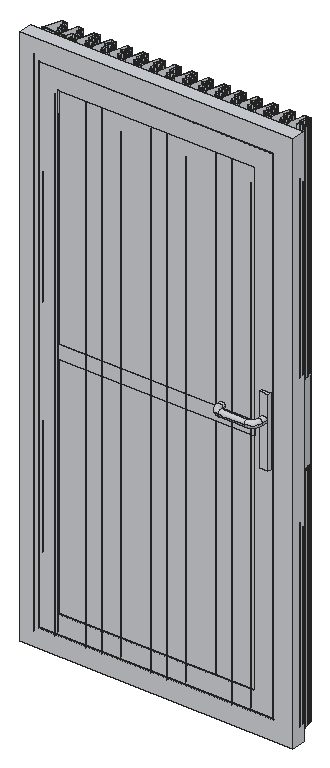
Revit family "NLRS_31_DO_WB_VS50 enkele deur-AV_jazo_jazo", category Doors, host Wall, Revit 2020
Family settings
  Host = Wall
  OmniClass Number = 23.30.10.00
  OmniClass Title = Doors
  Always vertical = Yes
  Cut with Voids When Loaded = No
  Shared = No
  Room Calculation Point = No
Parameters (values of type "TYPE CATALOG")
  URL = "www.jazo.com"
  Thickness = if(JAZO_C_forster presto kozijn, 50 mm, if(JAZO_C_aluminium kozijn, 60 mm, 50 mm))  # 50 mm
  Rough Width = NLRS_C_breedte_01  # 1010 mm
  Rough Height = NLRS_C_hoogte_01  # 2010 mm
  Operation = ""
  Negge = 82.5 mm
  NLRS_C_zelfsluitend = no
  NLRS_C_weerstandsklasse = "Voor specificaties of mogelijkheden, neem contact op."  # constant formula
  NLRS_C_vluchtroute = "Voor specificaties of mogelijkheden, neem contact op."  # constant formula
  NLRS_C_stelruimte = if(NLRS_C_brandwerend, 10 mm, 5 mm)  # 5 mm
  NLRS_C_rookwerendheid = "Voor specificaties of mogelijkheden, neem contact op."  # constant formula
  NLRS_C_offset_02 = if(JAZO_C_calculatie_01 < 1 mm, 1 mm, if(JAZO_C_calculatie_01 < 5 mm, 1 mm, if(JAZO_C_calculatie_01 < 10 mm, 5 mm, if(JAZO_C_calculatie_01 < 15 mm, 10 mm, if(JAZO_C_calculatie_01 < 20 mm, 15 mm, if(JAZO_C_calculatie_01 < 25 mm, 20 mm, if(JAZO_C_calculatie_01 < 30 mm, 25 mm, if(JAZO_C_calculatie_01 < 35 mm, 30 mm, if(JAZO_C_calculatie_01 < 40 mm, 35 mm, 42 mm)))))))))  # 15 mm
  NLRS_C_offset_01 = (NLRS_C_breedte - 4 mm - 98.2 mm - 133.4 mm - 4 mm - NLRS_C_lengte_01) / 2  # 23.2 mm
  NLRS_C_offset = Negge  # 82.5 mm
  NLRS_C_merk = "Voor specificaties of mogelijkheden, neem contact op."  # constant formula
  NLRS_C_leverancier_url = "www.jazo.com"  # constant formula
  NLRS_C_leverancier_telefoonnummer = "+31 316 - 59 29 11"  # constant formula
  NLRS_C_leverancier_postcode = "6905 DJ"  # constant formula
  NLRS_C_leverancier_plaats = "Zevenaar"  # constant formula
  NLRS_C_leverancier_email = "info@jazo.com"  # constant formula
  NLRS_C_leverancier_bedrijfsnaam = "JAZO Zevenaar bv"  # constant formula
  NLRS_C_leverancier_adres = "Handelsdwarsstraat 10"  # constant formula
  NLRS_C_lengte_03 = 1050 mm - 185 mm + 4 mm  # 869 mm
  NLRS_C_lengte_02 = NLRS_C_hoogte - 1050 mm - 110 mm + 15 mm  # 855 mm
  NLRS_C_lengte_01 = NLRS_C_aantal_01 * 59.5 mm  # 714 mm
  NLRS_C_inbraakwerend = no
  NLRS_C_hoogte_min = if(JAZO_C_forster presto kozijn, if(and(NLRS_C_brandwerend, NLRS_C_inbraakwerend), 2050 mm, if(NLRS_C_inbraakwerend, 2050 mm, if(NLRS_C_brandwerend, 2000 mm, 1850 mm))), if(JAZO_C_aluminium kozijn, 1850 mm, 1850 mm))  # 1850 mm
  NLRS_C_hoogte_max = if(JAZO_C_forster presto kozijn, if(NLRS_C_inbraakwerend, 2640 mm, 3000 mm), if(JAZO_C_aluminium kozijn, if(NLRS_C_inbraakwerend, 2645 mm, 3200 mm), 2000 mm))  # 3000 mm
  NLRS_C_hoogte_01 = NLRS_C_hoogte + (NLRS_C_stelruimte * 2)  # 2010 mm
  NLRS_C_hoogte = if(Height < NLRS_C_hoogte_min, NLRS_C_hoogte_min, if(Height > NLRS_C_hoogte_max, NLRS_C_hoogte_max, Height))  # 2000 mm
  NLRS_C_geluidwering Rw = "Voor specificaties of mogelijkheden, neem contact op."  # constant formula
  NLRS_C_diepte_02 = if(JAZO_C_forster presto kozijn, 50 mm, 30 mm)  # 50 mm
  NLRS_C_diepte_01 = if(JAZO_C_forster presto kozijn, 132.5 mm, 142.5 mm)  # 132.5 mm
  NLRS_C_diepte = Thickness  # 50 mm
  NLRS_C_content_versie = "2.5"  # constant formula
  NLRS_C_content_revit versie = "REVIT 2020.2"  # constant formula
  NLRS_C_content_provider = "JAZO Zevenaar bv"  # constant formula
  NLRS_C_content_datum uitgifte = "17-8-2022"  # constant formula
  NLRS_C_content_datum gewijzigd = "7-11-2022"  # constant formula
  NLRS_C_content_creator = "JAZO Zevenaar bv"  # constant formula
  NLRS_C_breedte_min = 850 mm  # constant formula
  NLRS_C_breedte_max = if(JAZO_C_forster presto kozijn, if(NLRS_C_inbraakwerend, 1440 mm, 1500 mm), if(JAZO_C_aluminium kozijn, if(NLRS_C_inbraakwerend, 1661 mm, 1400 mm), 1000 mm))  # 1500 mm
  NLRS_C_breedte_01 = NLRS_C_breedte + NLRS_C_stelruimte * 2  # 1010 mm
  NLRS_C_breedte = if(Width < NLRS_C_breedte_min, NLRS_C_breedte_min, if(Width > NLRS_C_breedte_max, NLRS_C_breedte_max, Width))  # 1000 mm
  NLRS_C_brandwerend = no
  NLRS_C_aantal_01 = rounddown((NLRS_C_breedte - 4 mm - 98.2 mm - 133.4 mm - 4 mm) / 59.5 mm)  # 12
  Model = "VS50 enkele deur"  # constant formula
  Manufacturer = "JAZO Zevenaar bv"  # constant formula
  MIN WIDTH = NLRS_C_breedte_min  # 850 mm
  MIN HEIGHT = NLRS_C_hoogte_min  # 1850 mm
  MAX WIDTH = NLRS_C_breedte_max  # 1500 mm
  MAX HEIGHT = NLRS_C_hoogte_max  # 3000 mm
  JAZO_C_ventilerend = no
  JAZO_C_paniekfunctie = no
  JAZO_C_opbouwrooster VS50 = if(or(JAZO_C_aluminium kozijn, JAZO_C_forster presto kozijn), 1 < 2, 2 < 1)  # yes
  JAZO_C_niet ventilerend = yes
  JAZO_C_materiaal schoep = none
  JAZO_C_materiaal scharnier = none
  JAZO_C_materiaal forster presto sandwichpaneel = none
  JAZO_C_materiaal forster presto kozijn = none
  JAZO_C_materiaal forster presto deurprofiel = none
  JAZO_C_materiaal beslag = none
  JAZO_C_materiaal aluminium planken = none
  JAZO_C_materiaal aluminium kozijn = none
  JAZO_C_forster presto kozijn = yes
  JAZO_C_dagmaat hoogte = if(JAZO_C_forster presto kozijn, NLRS_C_hoogte - 70 mm - 70 mm, if(JAZO_C_aluminium kozijn, NLRS_C_hoogte - 52 mm - 52 mm, 0 mm))  # 1860 mm
  JAZO_C_dagmaat breedte = if(JAZO_C_forster presto kozijn, NLRS_C_breedte - 70 mm - 70 mm, if(JAZO_C_aluminium kozijn, NLRS_C_breedte - 52 mm - 52 mm, 0 mm))  # 860 mm
  JAZO_C_calculatie_01 = if(JAZO_C_aluminium kozijn, 43.5 mm - NLRS_C_offset_01, if(JAZO_C_forster presto kozijn, 39.5 mm - NLRS_C_offset_01, 42 mm))  # 16.3 mm
  JAZO_C_aluminium kozijn = no
  Function = Exterior
  Height = 2000 mm
  Wall Closure = By host
  Width = 1000 mm
  Description = "VS50 enkele deur"  # constant formula
  Define Thermal Properties by = User Defined
  Construction Type = "Voor specificaties of mogelijkheden, neem contact op."  # constant formula
  Assembly Code = "23.30.10.00"
  Analytic Construction = "<None>"
Reference planes
  plane 1 "Center (Front/Back)": y = 0
  plane 2 "Center (Left/Right)": x = 0
  plane 3 "Left": x = -500
  plane 4 "Right": x = 500
  plane 5 "Top": z = 2005
  plane 6 "Exterior": y = 75
  plane 7 "Interior": y = -75
  plane 8 "stelruimte r": x = 505
  plane 9 "stelruimte l": x = -505
  plane 10 "stelruimte b": z = 2010
  plane 11 "stelruimte o": z = 5
  plane 12 "center kozijn": y = -32.5
  plane 13 "Center": z = 1005
  plane 14 "voorkant kozijn": y = -7.5
  plane 15 "achterkant kozijn": y = -57.5
  plane 16 "voorkant schoep": y = 75
  plane 17 "center kozijn + schoep": y = 8.75
  plane 18 "offset L": x = -476.8
  plane 19 "start schoep": x = -472.8
  plane 20: x = 496
  plane 21 "offset R": x = 472.8
  plane 22: x = 339.4
  plane 23 "sectie 1": x = -374.56
  plane 24: z = 1055
  plane 25: z = 870
Lines and regions (mm)
  Opening 1
    outline origin (-3161.91, -75, 0) x (1, 0, 0) y (0, 0, 1)
      loop
        line (2656.91, 0) -> (3666.91, 0) -> (3666.91, 2010) -> (2656.91, 2010) -> (2656.91, 0)
  symbolic lines, style "Swing Elevation"
    curve 1: line (500, -75, 1005) -> (-500, -75, 2005)
    curve 2: line (500, -75, 1005) -> (-500, -75, 0)
Text (mm)
  text "Exterior" at (-2295.016, 1099.543, 0), in view "Ref. Level"
  text "Exterior" at (0, 1615.38, 3698.081), in view "Left"
  text "Exterior" at (0, 1036.032, 3874.932), in view "Right"
Dimensions and locks
  equal spacing: plane 9 "stelruimte l", plane 2 "Center (Left/Right)", plane 8 "stelruimte r"
  "NLRS_C_breedte": plane 3 "Left" to plane 4 "Right"
  "NLRS_C_hoogte": plane 5 "Top" to plane 11 "stelruimte o"
  "NLRS_C_hoogte_01": host wall to plane 10 "stelruimte b"
  locked: plane 6 "Exterior" to host wall
  locked: plane 7 "Interior" to host wall
  "NLRS_C_breedte_01": plane 9 "stelruimte l" to plane 8 "stelruimte r"
  equal spacing: plane 3 "Left", plane 2 "Center (Left/Right)", plane 4 "Right"
  equal spacing: plane 11 "stelruimte o", plane 13 "Center", plane 5 "Top"
  "NLRS_C_stelruimte": level to plane 11 "stelruimte o"
  equal spacing: plane 14 "voorkant kozijn", plane 12 "center kozijn", plane 15 "achterkant kozijn"
  "NLRS_C_diepte": plane 14 "voorkant kozijn" to plane 15 "achterkant kozijn"
  "NLRS_C_diepte_01": plane 16 "voorkant schoep" to plane 15 "achterkant kozijn"
  equal spacing: plane 16 "voorkant schoep", plane 17 "center kozijn + schoep", plane 15 "achterkant kozijn"
  "NLRS_C_offset": plane 14 "voorkant kozijn" to plane 6 "Exterior"
  locked: plane 11 "stelruimte o" to nested 9 at 180
  locked: nested 10 to plane 5 "Top" at 180
  locked: plane 11 "stelruimte o" to nested 13 at 180
  locked: nested 14 to plane 5 "Top" at 180
  "NLRS_C_offset_01": plane 3 "Left" to plane 18 "offset L"
  locked: plane 18 "offset L" to plane 19 "start schoep" at 4
  locked: plane 20 to plane 4 "Right" at 4
  "NLRS_C_offset_01": plane 21 "offset R" to plane 20
  plane 22 to plane 21 "offset R" = 133.4 mm
  locked: plane 19 "start schoep" to plane 23 "sectie 1" at 98.24
  equal spacing: group 1, group 2, group 5, group 6, group 7, group 8, group 9, group 10, group 11, group 12, group 13, group 14  (x3)
  locked: plane 23 "sectie 1" to nested 18 at 59.5
  group 4 to group 3 = 59.5 mm
  group 3 to group 4 = 0 mm
  group 4 to group 3 = 0 mm
  locked: nested 20 to plane 21 "offset R" at 59.5
  locked: plane 11 "stelruimte o" to plane 24 at 1050
  locked: plane 25 to plane 24 at 185
  group 16 to group 15 = 59.5 mm
  group 15 to group 16 = 0 mm  (x2)
  locked: nested 33 to plane 21 "offset R" at 59.5
  aligned and locked: Opening 1 sketch curve to level
  aligned and locked: plane 1 "Center (Front/Back)" to host wall
  aligned and locked: Opening 1 sketch curve to plane 9 "stelruimte l"
  aligned and locked: plane 10 "stelruimte b" to Opening 1 sketch curve
  aligned and locked: Opening 1 sketch curve to plane 8 "stelruimte r"
  aligned and locked: plane 2 "Center (Left/Right)" to nested 1
  aligned and locked: nested 1 to plane 12 "center kozijn"
  aligned and locked: nested 1 to plane 5 "Top"
  aligned and locked: plane 2 "Center (Left/Right)" to nested 2
  aligned and locked: nested 2 to plane 12 "center kozijn"
  aligned and locked: nested 3 to plane 12 "center kozijn"
  aligned and locked: plane 2 "Center (Left/Right)" to nested 3
  aligned and locked: plane 2 "Center (Left/Right)" to nested 4
  aligned and locked: nested 4 to plane 12 "center kozijn"
  aligned and locked: nested 5 to plane 12 "center kozijn"
  aligned and locked: plane 2 "Center (Left/Right)" to nested 5
  aligned and locked: nested 3 to plane 5 "Top"
  aligned and locked: nested 5 to plane 5 "Top"
  aligned and locked: plane 2 "Center (Left/Right)" to nested 6
  aligned and locked: nested 6 to plane 17 "center kozijn + schoep"
  aligned and locked: plane 2 "Center (Left/Right)" to nested 7
  aligned and locked: nested 7 to plane 17 "center kozijn + schoep"
  aligned and locked: plane 13 "Center" to nested 4
  aligned and locked: nested 8 to plane 3 "Left"
  aligned and locked: nested 8 to plane 14 "voorkant kozijn"
  aligned and locked: nested 9 to plane 3 "Left"
  aligned and locked: nested 10 to plane 3 "Left"
  aligned and locked: nested 11 to plane 3 "Left"
  aligned and locked: nested 12 to plane 3 "Left"
  aligned and locked: nested 13 to plane 3 "Left"
  aligned and locked: nested 14 to plane 3 "Left"
  aligned and locked: plane 14 "voorkant kozijn" to nested 11
  aligned and locked: plane 14 "voorkant kozijn" to nested 10
  aligned and locked: plane 14 "voorkant kozijn" to nested 9
  aligned and locked: nested 14 to plane 14 "voorkant kozijn"
  aligned and locked: nested 13 to plane 14 "voorkant kozijn"
  aligned and locked: nested 12 to plane 14 "voorkant kozijn"
  aligned and locked: nested 2 to plane 5 "Top"
  aligned and locked: nested 15 to plane 3 "Left"
  aligned and locked: nested 15 to plane 4 "Right"
  aligned and locked: plane 14 "voorkant kozijn" to nested 15
  aligned and locked: plane 13 "Center" to nested 11
  aligned and locked: plane 13 "Center" to nested 12
  aligned and locked: plane 19 "start schoep" to nested 16
  aligned and locked: plane 14 "voorkant kozijn" to nested 16
  aligned and locked: nested 16 to plane 13 "Center"
  aligned and locked: plane 14 "voorkant kozijn" to nested 17
  aligned and locked: nested 17 to plane 23 "sectie 1"
  aligned and locked: plane 14 "voorkant kozijn" to nested 18
  aligned and locked: nested 17 to plane 13 "Center"
  aligned and locked: nested 18 to plane 13 "Center"
  aligned and locked: plane 14 "voorkant kozijn" to nested 19
  aligned and locked: plane 21 "offset R" to nested 19
  aligned and locked: plane 14 "voorkant kozijn" to nested 20
  aligned and locked: plane 5 "Top" to nested 19
  aligned and locked: plane 5 "Top" to nested 20
  aligned and locked: nested 21 to plane 14 "voorkant kozijn"
  aligned and locked: plane 21 "offset R" to nested 21
  aligned and locked: plane 24 to nested 21
  aligned and locked: plane 21 "offset R" to nested 32
  aligned and locked: plane 14 "voorkant kozijn" to nested 32
  aligned and locked: plane 14 "voorkant kozijn" to nested 33
  aligned and locked: nested 33 to plane 25
  aligned and locked: nested 32 to plane 25
  aligned and locked: nested 34 to plane 21 "offset R"
  aligned and locked: nested 34 to plane 16 "voorkant schoep"
  aligned and locked: plane 2 "Center (Left/Right)" to nested 35
  aligned and locked: nested 35 to plane 17 "center kozijn + schoep"
Automatic sketch dimensions
  plane 4 "Right" to curve 2 = 0 mm
  curve 2 to level = 0 mm
  curve 2 to plane 13 "Center" = 0 mm
  plane 3 "Left" to curve 1 = 0 mm
  curve 1 to plane 5 "Top" = 0 mm
  plane 3 "Left" to curve 2 = 0 mm
Nested families
  nested 1: "NLRS_31_GM_UN_forster presto kozijn-AV" at (0, -32.5, 5), type "forster presto kozijn"
    with NLRS_C_breedte 1000 mm
  nested 2: "NLRS_31_GM_UN_aluminium kozijn-AV" at (0, -32.5, 5), type "aluminium kozijn"
  nested 3: "NLRS_31_GM_UN_forster presto deurprofiel-AV" at (0, -32.5, 5), type "forster presto deurprofiel"
  nested 4: "NLRS_31_GM_UN_forster presto sandwichpaneel opbouwroosters-AV" at (0, -32.5, 5), type "forster presto sandiwchpaneel opbouwroosters"
    with NLRS_C_zichtbaar_02 no, NLRS_C_breedte_01 720 mm, NLRS_C_breedte 1000 mm, NLRS_C_brandwerend no, JAZO_C_ventilerend no, JAZO_C_niet ventilerend yes
  nested 5: "NLRS_31_GM_UN_aluminium planken opbouwroosters-AV" at (0, -17.492, 5), type "aluminium planken"
    with NLRS_C_zichtbaar_01 no, NLRS_C_hoogte_04 759.5 mm, NLRS_C_hoogte_03 755.5 mm, NLRS_C_hoogte_02 1930 mm, NLRS_C_hoogte 2000 mm, NLRS_C_breedte_03 742 mm, NLRS_C_breedte_02 753 mm, NLRS_C_breedte_01 952 mm, NLRS_C_breedte 1000 mm, NLRS_C_aantal_02 38, NLRS_C_aantal_01 38, JAZO_C_aluminium kozijn no
  nested 6: "NLRS_31_DI_UN_markering" at (0, 8.75, 0), type "markering"
  nested 7: "NLRS_31_GA_UN_error message" at (0, 8.75, 0), type "error message"
    with NLRS_C_zichtbaar_10 no, NLRS_C_zichtbaar_05 no, NLRS_C_hoogte_max 3000 mm, NLRS_C_hoogte 2000 mm, NLRS_C_breedte_max 1500 mm, NLRS_C_brandwerend no, JAZO_C_aluminium kozijn no
  nested 8: "NLRS_31_DI_UN_scharnier detail HS50R HJ55" at (-500, -7.5, 0), type "scharnier detail HS50R HJ55"
    with JAZO_C_forster presto kozijn yes, JAZO_C_aluminium kozijn no
  nested 9: "NLRS_31_GM_UN_scharnier staal HS50R HJ55-AV" at (-480, 66.5, 99.5), type "scharnier HS50R HJ55"
  nested 10: "NLRS_31_GM_UN_scharnier staal HS50R HJ55-AV" at (-480, 66.5, 1739.5), type "scharnier HS50R HJ55"
  nested 11: "NLRS_31_GM_UN_scharnier staal HS50R HJ55-AV" at (-480, 66.5, 919.5), type "scharnier HS50R HJ55"
  nested 12: "NLRS_31_GM_UN_scharnier aluminium HS50R HJ55-AV" at (-480, 74, 915), type "scharnier aluminium HS50R HJ55"
    with JAZO_C_aluminium kozijn no
  nested 13: "NLRS_31_GM_UN_scharnier aluminium HS50R HJ55-AV" at (-480, 74, 95), type "scharnier aluminium HS50R HJ55"
    with JAZO_C_aluminium kozijn no
  nested 14: "NLRS_31_GM_UN_scharnier aluminium HS50R HJ55-AV" at (-480, 74, 1735), type "scharnier aluminium HS50R HJ55"
    with JAZO_C_aluminium kozijn no
  nested 15: "NLRS_31_GM_UN_door swing" at (-500, -7.5, 0) x (-1, 0, 0) z (0, 0, 1), NLRS_C_breedte <- "NLRS_C_breedte", type "door swing"
    with NLRS_C_hoek 90.00°, NLRS_C_breedte 1000 mm
  nested 16: "NLRS_31_GM_UN_VS50 start schoep-AV" at (-416.2, 39.25, 5) x (-1, 0, 0) z (0, 0, 1), NLRS_C_hoogte <- "NLRS_C_hoogte", type "VS50 start schoep"
    with NLRS_C_hoogte 2000 mm, NLRS_C_afstand 15 mm
  nested 17: "NLRS_31_GM_UN_VS50 schoep-AV" at (-337.622, 39.25, 5) x (-1, 0, 0) z (0, 0, 1), NLRS_C_hoogte <- "NLRS_C_hoogte", type "VS50 schoep"
    with NLRS_C_hoogte 2000 mm
  nested 18: "NLRS_31_GM_UN_VS50 schoep-AV" at (-278.122, 39.25, 5) x (-1, 0, 0) z (0, 0, 1), NLRS_C_hoogte <- "NLRS_C_hoogte", type "VS50 schoep"
    with NLRS_C_hoogte 2000 mm
  nested 19: "NLRS_31_GM_UN_VS50 schoep-AV" at (435.862, 39.25, 1150) x (-1, 0, 0) z (0, 0, 1), NLRS_C_hoogte <- "NLRS_C_lengte_02", type "VS50 schoep"
    with NLRS_C_hoogte 855 mm
  nested 20: "NLRS_31_GM_UN_VS50 schoep-AV" at (376.362, 39.25, 1150) x (-1, 0, 0) z (0, 0, 1), NLRS_C_hoogte <- "NLRS_C_lengte_02", type "VS50 schoep"
    with NLRS_C_hoogte 855 mm
  nested 21: "NLRS_31_GM_UN_beslagbak VS50-AV" at (377.8, 3.5, 870), type "beslagbak VS50"
  nested 22: "NLRS_31_GM_UN_VS50 schoep-AV" at (-218.622, 39.25, 5) x (-1, 0, 0) z (0, 0, 1), NLRS_C_hoogte <- "NLRS_C_hoogte", type "VS50 schoep"
    with NLRS_C_hoogte 2000 mm
  nested 23: "NLRS_31_GM_UN_VS50 schoep-AV" at (-159.122, 39.25, 5) x (-1, 0, 0) z (0, 0, 1), NLRS_C_hoogte <- "NLRS_C_hoogte", type "VS50 schoep"
    with NLRS_C_hoogte 2000 mm
  nested 24: "NLRS_31_GM_UN_VS50 schoep-AV" at (-99.622, 39.25, 5) x (-1, 0, 0) z (0, 0, 1), NLRS_C_hoogte <- "NLRS_C_hoogte", type "VS50 schoep"
    with NLRS_C_hoogte 2000 mm
  nested 25: "NLRS_31_GM_UN_VS50 schoep-AV" at (-40.122, 39.25, 5) x (-1, 0, 0) z (0, 0, 1), NLRS_C_hoogte <- "NLRS_C_hoogte", type "VS50 schoep"
    with NLRS_C_hoogte 2000 mm
  nested 26: "NLRS_31_GM_UN_VS50 schoep-AV" at (19.378, 39.25, 5) x (-1, 0, 0) z (0, 0, 1), NLRS_C_hoogte <- "NLRS_C_hoogte", type "VS50 schoep"
    with NLRS_C_hoogte 2000 mm
  nested 27: "NLRS_31_GM_UN_VS50 schoep-AV" at (78.878, 39.25, 5) x (-1, 0, 0) z (0, 0, 1), NLRS_C_hoogte <- "NLRS_C_hoogte", type "VS50 schoep"
    with NLRS_C_hoogte 2000 mm
  nested 28: "NLRS_31_GM_UN_VS50 schoep-AV" at (138.378, 39.25, 5) x (-1, 0, 0) z (0, 0, 1), NLRS_C_hoogte <- "NLRS_C_hoogte", type "VS50 schoep"
    with NLRS_C_hoogte 2000 mm
  nested 29: "NLRS_31_GM_UN_VS50 schoep-AV" at (197.878, 39.25, 5) x (-1, 0, 0) z (0, 0, 1), NLRS_C_hoogte <- "NLRS_C_hoogte", type "VS50 schoep"
    with NLRS_C_hoogte 2000 mm
  nested 30: "NLRS_31_GM_UN_VS50 schoep-AV" at (257.378, 39.25, 5) x (-1, 0, 0) z (0, 0, 1), NLRS_C_hoogte <- "NLRS_C_hoogte", type "VS50 schoep"
    with NLRS_C_hoogte 2000 mm
  nested 31: "NLRS_31_GM_UN_VS50 schoep-AV" at (316.878, 39.25, 5) x (-1, 0, 0) z (0, 0, 1), NLRS_C_hoogte <- "NLRS_C_hoogte", type "VS50 schoep"
    with NLRS_C_hoogte 2000 mm
  nested 32: "NLRS_31_GM_UN_VS50 schoep-AV" at (435.862, 39.25, 5) x (-1, 0, 0) z (0, 0, 1), NLRS_C_hoogte <- "NLRS_C_lengte_03", type "VS50 schoep"
    with NLRS_C_hoogte 869 mm
  nested 33: "NLRS_31_GM_UN_VS50 schoep-AV" at (376.362, 39.25, 5) x (-1, 0, 0) z (0, 0, 1), NLRS_C_hoogte <- "NLRS_C_lengte_03", type "VS50 schoep"
    with NLRS_C_hoogte 869 mm
  nested 34: "NLRS_31_DI_UN_beslagbak detail VS50" at (402.738, 33.492, 0), type "beslagbak detail VS50"
  nested 35: "NLRS_31_GA_UN_error message paniekfunctie" at (0, 8.75, 0), type "error message"
    with NLRS_C_zichtbaar_01 no, NLRS_C_inbraakwerend no, JAZO_C_ventilerend no, JAZO_C_paniekfunctie no
Definition of nested family "NLRS_31_GM_UN_forster presto kozijn-AV"
  Parameters (values of type "forster presto kozijn")
    URL = "www.jazo.com"
    NLRS_C_zichtbaar_01 = yes
    NLRS_C_materiaal = none
    NLRS_C_hoogte = 2000 mm
    NLRS_C_diepte = 50 mm  # constant formula
    NLRS_C_breedte = 2500 mm
    Model = "Forster Presto kozijn"
    Manufacturer = "JAZO Zevenaar bv"
    Description = "Forster Presto kozijn"
    Default Elevation = 0 mm
    Assembly Code = "23.30.10.11.11"
  Reference planes
    plane 1 "Center (Front/Back)": y = 0
    plane 2 "Bottom": z = 0
    plane 3 "Center (Left/Right)": x = 0
    plane 4 "Left": x = -1250
    plane 5 "Right": x = 1250
    plane 6 "Top": z = 2000
    plane 7 "voorkant kozijn": y = 25
    plane 8 "achterkant kozijn": y = -25
  Forms (mm)
    Sweep 1, solid, material <- "NLRS_C_materiaal", visible <- "NLRS_C_zichtbaar_01"
      path origin (0, 0, 0) x (1, 0, 0) y (0, 0, 1)
        loop
          line (-1250, 2000) -> (-1250, 0) -> (1250, 0) -> (1250, 2000) -> (-1250, 2000)
      profile origin (0, 0, 2000) x (0, 0, 1) y (0, -1, 0)
        loop
          line (0, -25) -> (0, 25) -> (-50, 25) -> (-70, 25) -> (-70, 22.003) -> (-50, 22.003) -> (-50, -19) -> (-36, -19) -> (-36, -25) -> (0, -25)
  Lines and regions (mm)
    symbolic lines, visible <- "NLRS_C_zichtbaar_01"
      curve 1: line (-1181.52, -25, 0) -> (1181.52, -25, 0)
      curve 2: line (-1216.25, 25, 0) -> (1216.25, 25, 0)
    symbolic lines
      curve 3: line (0, -25, 1931.52) -> (0, -25, 68.48)
      curve 4: line (0, 25, 33.75) -> (0, 25, 1966.25)
  Dimensions and locks
    "NLRS_C_hoogte": plane 6 "Top" to plane 2 "Bottom"
    "NLRS_C_diepte": plane 7 "voorkant kozijn" to plane 8 "achterkant kozijn"
    "NLRS_C_breedte": plane 4 "Left" to plane 5 "Right"
    equal spacing: plane 4 "Left", plane 3 "Center (Left/Right)", plane 5 "Right"
    aligned and locked: level to plane 2 "Bottom"
    aligned and locked: Sweep 1 to plane 8 "achterkant kozijn"
    aligned and locked: Sweep 1 to plane 7 "voorkant kozijn"
    aligned and locked: nested 1 to plane 8 "achterkant kozijn"
    aligned and locked: nested 2 to plane 8 "achterkant kozijn"
    aligned and locked: Sweep 1 sketch curve to plane 6 "Top"
    aligned and locked: Sweep 1 sketch curve to plane 4 "Left"
    aligned and locked: plane 5 "Right" to Sweep 1 sketch curve
    aligned and locked: plane 2 "Bottom" to Sweep 1 sketch curve
    aligned and locked: nested 1 to plane 4 "Left"
    aligned and locked: nested 2 to plane 5 "Right"
    aligned and locked: nested 4 to plane 6 "Top"
    aligned and locked: nested 3 to plane 2 "Bottom"
    aligned and locked: curve 1 to plane 8 "achterkant kozijn"
    aligned and locked: curve 2 to plane 7 "voorkant kozijn"
    aligned and locked: plane 8 "achterkant kozijn" to curve 3
    aligned and locked: curve 4 to plane 7 "voorkant kozijn"
  Automatic sketch dimensions
    profile plane to Sweep 1 sketch curve = 0 mm
    profile plane to Sweep 1 sketch curve = 36 mm
    Sweep 1 sketch curve to Sweep 1 sketch curve = 14 mm
    Sweep 1 sketch curve to Sweep 1 sketch curve = 0 mm
    Sweep 1 sketch curve to Sweep 1 sketch curve = 20 mm
    Sweep 1 sketch curve to plane 1 "Center (Front/Back)" = 25 mm
    Sweep 1 sketch curve to Sweep 1 sketch curve = 6 mm
    plane 1 "Center (Front/Back)" to Sweep 1 sketch curve = 22.003 mm
    Sweep 1 sketch curve to Sweep 1 sketch curve = 2.997 mm
    curve 2 to plane 4 "Left" = 33.75 mm
    curve 2 to curve 1 = 34.73 mm
    plane 5 "Right" to curve 1 = 68.48 mm
    plane 5 "Right" to curve 2 = 33.75 mm
    level to curve 4 = 33.75 mm
    curve 4 to curve 3 = 34.73 mm
    curve 3 to plane 6 "Top" = 68.48 mm
    curve 4 to plane 6 "Top" = 33.75 mm
  Nested families
    nested 1: "NLRS_31_DI_UN_forster presto kozijn detail" at (-1250, -25, 0) x (0, 1, 0) z (0, 0, 1), visible <- "NLRS_C_zichtbaar_01", type "forster presto kozijn detail"
    nested 2: "NLRS_31_DI_UN_forster presto kozijn detail" at (1250, -25, 0) x (0, 1, 0) z (0, 0, 1), visible <- "NLRS_C_zichtbaar_01", type "forster presto kozijn detail"
    nested 3: "NLRS_31_DI_UN_forster presto kozijn detail" at (0, -25, 0) x (0, 1, 0) z (1, 0, 0), visible <- "NLRS_C_zichtbaar_01", type "forster presto kozijn detail"
    nested 4: "NLRS_31_DI_UN_forster presto kozijn detail" at (0, -25, 2000) x (0, 1, 0) z (1, 0, 0), visible <- "NLRS_C_zichtbaar_01", type "forster presto kozijn detail"
  Definition of nested family "NLRS_31_DI_UN_forster presto kozijn detail"
    Parameters (values of type "forster presto kozijn detail")
      URL = "www.jazo.com"
      Manufacturer = "Jazo Zevenaar BV"
      Description = "Forster presto kozijn detail"
    Reference planes
      plane 1 "Center (Front/Back)": y = 0
      plane 2: z = 0
      plane 3 "Center (Left/Right)": x = 0
    Lines and regions (mm)
      detail lines, in view "Ref. Level"
        curve 1: line (0, 2.25, 0) -> (0, 68.48, 0)
        curve 2: arc (0, 68.48, 0) -> (1.52, 70, 0) -> (3.04, 68.48, 0) r 1.52
        curve 3: line (3.04, 68.48, 0) -> (3.04, 50.75, 0)
        curve 4: arc (3.04, 50.75, 0) -> (3.26, 50.22, 0) -> (3.79, 50, 0) r 0.75
        curve 5: line (3.79, 50, 0) -> (42.48, 50, 0)
        curve 6: arc (42.48, 50, 0) -> (43.99, 48.306, 0) -> (42.134, 47, 0) r 1.52
        curve 7: line (42.134, 47, 0) -> (37, 47, 0)
        curve 8: arc (37, 46.96, 0) -> (35.51, 45.633, 0) -> (36.656, 44, 0) r 1.5
        curve 9: line (36.656, 44, 0) -> (42.79, 44, 0)
        curve 10: arc (42.79, 44, 0) -> (44.108, 43.561, 0) -> (44.901, 42.421, 0) r 2.2
        curve 11: line (45, 42.467, 0) -> (45, 36.75, 0)
        curve 12: arc (45, 36.75, 0) -> (45.22, 36.22, 0) -> (45.75, 36, 0) r 0.75
        curve 13: line (45.75, 36, 0) -> (47.75, 36, 0)
        curve 14: arc (47.75, 36, 0) -> (49.341, 35.341, 0) -> (50, 33.75, 0) r 2.25
        curve 15: line (50, 33.75, 0) -> (50, 2.25, 0)
        curve 16: arc (50, 2.25, 0) -> (49.341, 0.659, 0) -> (47.75, 0, 0) r 2.25
        curve 17: line (47.75, 0, 0) -> (2.25, 0, 0)
        curve 18: arc (2.25, 0, 0) -> (0.659, 0.659, 0) -> (0, 2.25, 0) r 2.25
        curve 19: arc (37, 48.46, 0) -> (34, 45.46, 0) -> (37, 42.46, 0) r 3
        curve 20: line (37, 42.46, 0) -> (42.75, 42.46, 0)
        curve 21: arc (42.75, 42.46, 0) -> (43.28, 42.24, 0) -> (43.5, 41.71, 0) r 0.75
        curve 22: line (43.5, 41.71, 0) -> (43.5, 36.75, 0)
        curve 23: arc (43.5, 36.75, 0) -> (44.159, 35.159, 0) -> (45.75, 34.5, 0) r 2.25
        curve 24: line (45.75, 34.5, 0) -> (47.75, 34.5, 0)
        curve 25: arc (47.75, 34.5, 0) -> (48.28, 34.28, 0) -> (48.5, 33.75, 0) r 0.75
        curve 26: line (48.5, 33.75, 0) -> (48.5, 2.25, 0)
        curve 27: arc (48.5, 2.25, 0) -> (48.28, 1.72, 0) -> (47.75, 1.5, 0) r 0.75
        curve 28: line (47.75, 1.5, 0) -> (2.25, 1.5, 0)
        curve 29: arc (2.25, 1.5, 0) -> (1.72, 1.72, 0) -> (1.5, 2.25, 0) r 0.75
        curve 30: line (1.5, 2.25, 0) -> (1.5, 68.48, 0)
        curve 31: arc (1.54, 50.75, 0) -> (2.199, 49.159, 0) -> (3.79, 48.5, 0) r 2.25
        curve 32: line (3.79, 48.5, 0) -> (42.48, 48.5, 0)
Definition of nested family "NLRS_31_GM_UN_forster presto deurprofiel-AV"
  Parameters (values of type "forster presto deurprofiel")
    URL = "www.jazo.com"
    NLRS_C_zichtbaar_01 = yes
    NLRS_C_materiaal = none
    NLRS_C_hoogte = 2000 mm
    NLRS_C_diepte = 50 mm  # constant formula
    NLRS_C_breedte = 1000 mm
    Model = "Forster Presto deurprofiel"
    Manufacturer = "JAZO Zevenaar bv"
    Description = "Forster presto deurprofiel"
    Default Elevation = 0 mm
    Assembly Code = "23.30.10.11.11"
  Reference planes
    plane 1 "Center (Front/Back)": y = 0
    plane 2 "Bottom": z = 0
    plane 3 "Center (Left/Right)": x = 0
    plane 4 "Left": x = -500
    plane 5 "Right": x = 500
    plane 6 "Top": z = 2000
    plane 7 "voorkant kozijn": y = 25
    plane 8 "achterkant kozijn": y = -25
    plane 9 "Center (Elevation)": z = 1000
  Forms (mm)
    Sweep 1, solid, material <- "NLRS_C_materiaal", visible <- "NLRS_C_zichtbaar_01"
      path origin (0, 0, 0) x (1, 0, 0) y (0, 0, 1)
        loop
          line (-500, 2000) -> (-500, 0) -> (500, 0) -> (500, 2000) -> (-500, 2000)
      profile origin (0, 0, 2000) x (0, 0, 1) y (0, -1, 0)
        loop
          line (-40, -22) -> (-60, -22) -> (-60, 19) -> (-74, 19) -> (-74, 25) -> (-140, 25) -> (-140, -22) -> (-160, -22) -> (-160, -25) -> (-40, -25) -> (-40, -22)
  Lines and regions (mm)
    symbolic lines, visible <- "NLRS_C_zichtbaar_01"
      curve 1: line (-362.25, -25, 0) -> (362.25, -25, 0)
      curve 2: line (-341.52, 25, 0) -> (341.52, 25, 0)
      curve 3: line (0, 25, 1841.52) -> (0, 25, 158.48)
      curve 4: line (0, -25, 123.75) -> (0, -25, 1862.25)
  Dimensions and locks
    equal spacing: plane 4 "Left", plane 3 "Center (Left/Right)", plane 5 "Right"
    "NLRS_C_breedte": plane 4 "Left" to plane 5 "Right"
    "NLRS_C_hoogte": plane 6 "Top" to plane 2 "Bottom"
    locked: plane 4 "Left" to nested 1 at 60
    locked: nested 2 to plane 5 "Right" at 60
    locked: nested 3 to plane 6 "Top" at 60
    equal spacing: plane 6 "Top", plane 9 "Center (Elevation)", plane 2 "Bottom"
    locked: Sweep 1 to plane 2 "Bottom" at 60
    aligned and locked: level to plane 2 "Bottom"
    aligned and locked: Sweep 1 to plane 7 "voorkant kozijn"  (x2)
    aligned and locked: plane 8 "achterkant kozijn" to nested 3
    aligned and locked: Sweep 1 sketch curve to plane 6 "Top"
    aligned and locked: Sweep 1 sketch curve to plane 4 "Left"
    aligned and locked: plane 5 "Right" to Sweep 1 sketch curve
    aligned and locked: plane 2 "Bottom" to Sweep 1 sketch curve
    aligned and locked: curve 1 to plane 8 "achterkant kozijn"
    aligned and locked: plane 7 "voorkant kozijn" to curve 2
    aligned and locked: curve 3 to plane 7 "voorkant kozijn"
    aligned and locked: curve 4 to plane 8 "achterkant kozijn"
  Automatic sketch dimensions
    profile plane to Sweep 1 sketch curve = 160 mm
    Sweep 1 sketch curve to Sweep 1 sketch curve = 20 mm  (x2)
    Sweep 1 sketch curve to Sweep 1 sketch curve = 66 mm
    Sweep 1 sketch curve to Sweep 1 sketch curve = 14 mm
    Sweep 1 sketch curve to plane 1 "Center (Front/Back)" = 25 mm
    Sweep 1 sketch curve to Sweep 1 sketch curve = 3 mm  (x2)
    Sweep 1 sketch curve to Sweep 1 sketch curve = 41 mm
    Sweep 1 sketch curve to Sweep 1 sketch curve = 6 mm
    curve 1 to plane 4 "Left" = 137.75 mm
    curve 1 to curve 2 = 20.73 mm
    plane 5 "Right" to curve 2 = 158.48 mm
    curve 2 to curve 1 = 20.73 mm
    level to curve 4 = 123.75 mm
    curve 4 to curve 3 = 34.73 mm
    curve 3 to plane 6 "Top" = 158.48 mm
    curve 3 to curve 4 = 20.73 mm
  Nested families
    nested 1: "NLRS_31_DI_UN_forster presto deurprofiel detail" at (-460, 25, 0) x (0, -1, 0) z (0, 0, 1), visible <- "NLRS_C_zichtbaar_01", type "forster presto deurprofiel detail"
    nested 2: "NLRS_31_DI_UN_forster presto deurprofiel detail" at (460, 25, 0) x (0, -1, 0) z (0, 0, 1), visible <- "NLRS_C_zichtbaar_01", type "forster presto deurprofiel detail"
    nested 3: "NLRS_31_DI_UN_forster presto deurprofiel detail" at (0, 25, 1960) x (0, -1, 0) z (1, 0, 0), visible <- "NLRS_C_zichtbaar_01", type "forster presto deurprofiel detail"
    nested 4: "NLRS_31_DI_UN_forster presto deurprofiel detail" at (0, 25, 40) x (0, -1, 0) z (1, 0, 0), visible <- "NLRS_C_zichtbaar_01", type "forster presto deurprofiel detail"
  Definition of nested family "NLRS_31_DI_UN_forster presto deurprofiel detail"
    Parameters (values of type "forster presto deurprofiel detail")
      URL = "www.jazo.com"
      Manufacturer = "Jazo Zevenaar BV"
      Description = "Forster presto deurprofiel detail"
      Assembly Code = "23.30.10.11.11"
    Reference planes
      plane 1 "Center (Front/Back)": y = 0
      plane 2: z = 0
      plane 3 "Center (Left/Right)": x = 0
    Lines and regions (mm)
      detail lines, in view "Ref. Level"
        curve 1: line (50, 36.25, 0) -> (50, 97.75, 0)
        curve 2: arc (50, 97.75, 0) -> (49.341, 99.341, 0) -> (47.75, 100, 0) r 2.25
        curve 3: line (47.75, 100, 0) -> (3.79, 100, 0)
        curve 4: arc (3.79, 100, 0) -> (3.26, 100.22, 0) -> (3.04, 100.75, 0) r 0.75
        curve 5: line (3.04, 100.75, 0) -> (3.04, 118.48, 0)
        curve 6: arc (3.04, 118.48, 0) -> (1.52, 120, 0) -> (0, 118.48, 0) r 1.52
        curve 7: line (0, 118.48, 0) -> (0, 1.52, 0)
        curve 8: arc (0, 1.52, 0) -> (1.52, 0, 0) -> (3.04, 1.52, 0) r 1.52
        curve 9: line (3.04, 1.52, 0) -> (3.04, 19.25, 0)
        curve 10: arc (3.04, 19.25, 0) -> (3.26, 19.78, 0) -> (3.79, 20, 0) r 0.75
        curve 11: line (3.79, 20, 0) -> (42.48, 20, 0)
        curve 12: arc (42.48, 20, 0) -> (44, 21.52, 0) -> (42.48, 23.04, 0) r 1.52
        curve 13: line (42.48, 23.04, 0) -> (37, 23.04, 0)
        curve 14: arc (37, 23.04, 0) -> (35.5, 24.54, 0) -> (37, 26.04, 0) r 1.5
        curve 15: line (37, 26.04, 0) -> (42.79, 26.04, 0)
        curve 16: arc (42.79, 26.04, 0) -> (44.365, 26.703, 0) -> (45, 28.29, 0) r 2.215
        curve 17: line (45, 28.29, 0) -> (45, 33.25, 0)
        curve 18: arc (45, 33.25, 0) -> (45.22, 33.78, 0) -> (45.75, 34, 0) r 0.75
        curve 19: line (45.75, 34, 0) -> (47.75, 34, 0)
        curve 20: arc (47.75, 34, 0) -> (49.341, 34.659, 0) -> (50, 36.25, 0) r 2.25
        curve 21: arc (1.54, 19.25, 0) -> (2.199, 20.841, 0) -> (3.79, 21.5, 0) r 2.25
        curve 22: line (3.79, 21.5, 0) -> (37, 21.5, 0)
        curve 23: arc (37, 21.54, 0) -> (34, 24.54, 0) -> (37, 27.54, 0) r 3
        curve 24: line (37, 27.54, 0) -> (42.75, 27.54, 0)
        curve 25: arc (42.75, 27.54, 0) -> (43.28, 27.76, 0) -> (43.5, 28.29, 0) r 0.75
        curve 26: line (43.5, 28.29, 0) -> (43.5, 33.25, 0)
        curve 27: arc (43.5, 33.25, 0) -> (44.159, 34.841, 0) -> (45.75, 35.5, 0) r 2.25
        curve 28: line (45.75, 35.5, 0) -> (47.75, 35.5, 0)
        curve 29: arc (47.75, 35.5, 0) -> (48.28, 35.72, 0) -> (48.5, 36.25, 0) r 0.75
        curve 30: line (48.5, 36.25, 0) -> (48.5, 97.75, 0)
        curve 31: arc (48.5, 97.75, 0) -> (48.28, 98.28, 0) -> (47.75, 98.5, 0) r 0.75
        curve 32: line (47.75, 98.5, 0) -> (3.79, 98.5, 0)
        curve 33: arc (3.79, 98.5, 0) -> (2.199, 99.159, 0) -> (1.54, 100.75, 0) r 2.25
        curve 34: line (37, 21.5, 0) -> (42.48, 21.52, 0)
        curve 35: line (37, 21.54, 0) -> (42.48, 21.52, 0)
        curve 36: line (1.52, 1.52, 0) -> (1.52, 118.48, 0)
Definition of nested family "NLRS_31_GM_UN_forster presto sandwichpaneel opbouwroosters-AV"
  Parameters (values of type "forster presto sandiwchpaneel opbouwroosters")
    URL = "www.jazo.com"
    NLRS_C_zichtbaar_02 = if(JAZO_C_forster presto kozijn, if(and(NLRS_C_inbraakwerend, JAZO_C_ventilerend), 1 < 2, if(and(NLRS_C_brandwerend, JAZO_C_ventilerend), 1 < 2, 2 < 1)), 2 < 1)  # yes
    NLRS_C_zichtbaar_01 = if(JAZO_C_forster presto kozijn, if(or(JAZO_C_niet ventilerend, NLRS_C_zichtbaar_02), 1 < 2, 2 < 1), 2 < 1)  # yes
    NLRS_C_offset_01 = 10 mm
    NLRS_C_materiaal = none
    NLRS_C_inbraakwerend = no
    NLRS_C_hoogte_01 = (NLRS_C_hoogte / 2) - 140 mm - 25 mm  # 835 mm
    NLRS_C_hoogte = 2000 mm
    NLRS_C_diepte = 50 mm  # constant formula
    NLRS_C_breedte_01 = NLRS_C_breedte - 280 mm  # 620 mm
    NLRS_C_breedte = 900 mm
    NLRS_C_brandwerend = yes
    NLRS_C_aantal_01 = NLRS_C_hoogte_01 / 20 mm  # 42
    Model = ""
    Manufacturer = "JAZO Zevenaar bv"
    JAZO_C_ventilerend = yes
    JAZO_C_niet ventilerend = no
    JAZO_C_forster presto kozijn = yes
    Description = "Forster presto sandwichpaneel opbouwroosters"
    Default Elevation = 0 mm
    Assembly Code = "23.30.10.11.14"
  Reference planes
    plane 1 "Center (Front/Back)": y = 0
    plane 2 "Bottom": z = 0
    plane 3 "Center (Left/Right)": x = 0
    plane 4 "Left": x = -450
    plane 5 "Right": x = 450
    plane 6 "Center (Elevation)": z = 1000
    plane 7 "voorkant kozijn": y = 25
    plane 8 "achterkant kozijn": y = -25
    plane 9 "Top": z = 2000
    plane 10 "offset left": x = -310
    plane 11 "offset right": x = 310
    plane 12 "offset onder": z = 140
    plane 13 "stelruimte p": z = 1860
    plane 14 "offset center onder": z = 975
    plane 15 "offset center boven": z = 1025
    plane 16 "offset achterkant": y = -22
    plane 17 "offset voorkant": y = 22
    plane 18: x = 300
    plane 19: x = -300
    plane 20: z = 1850
    plane 21: z = 1035
    plane 22: z = 965
    plane 23: z = 150
  Forms (mm)
    Extrusion 1, solid, visible <- "NLRS_C_zichtbaar_02"
      sketch origin (0, 0, 0) x (1, 0, 0) y (0, 0, 1)
        loop
          line (-300, 965) -> (-300, 150) -> (300, 150) -> (300, 965) -> (-300, 965)
      from -22 to 22
    Extrusion 2, solid, visible <- "NLRS_C_zichtbaar_02"
      sketch origin (0, 0, 0) x (1, 0, 0) y (0, 0, 1)
        loop
          line (-300, 1850) -> (-300, 1035) -> (300, 1035) -> (300, 1850) -> (-300, 1850)
      from -22 to 22
    Sweep 3, solid, material <- "NLRS_C_materiaal", visible <- "JAZO_C_forster presto kozijn"
      path origin (0, 0, 0) x (1, 0, 0) y (0, 0, 1)
        loop
          line (-310, 1000) -> (310, 1000)
      profile origin (0, 0, 1000) x (0, 0, 1) y (0, -1, 0)
        loop
          line (25, -25) -> (25, 25) -> (-25, 25) -> (-25, -25) -> (25, -25)
    Extrusion 4, solid, material <- "NLRS_C_materiaal", visible <- "NLRS_C_zichtbaar_01"
      sketch origin (0, 0, 0) x (1, 0, 0) y (0, 0, 1)
        loop
          line (-310, 975) -> (-310, 140) -> (310, 140) -> (310, 975) -> (-310, 975)
      from -22 to 22
    Extrusion 5, solid, material <- "NLRS_C_materiaal", visible <- "NLRS_C_zichtbaar_01"
      sketch origin (137.888, 0, -115.702) x (1, 0, 0) y (0, 0, 1)
        loop
          line (-447.888, 1975.702) -> (-447.888, 1140.702) -> (172.112, 1140.702) -> (172.112, 1975.702) -> (-447.888, 1975.702)
      from -22 to 22
  Dimensions and locks
    equal spacing: plane 4 "Left", plane 3 "Center (Left/Right)", plane 5 "Right"
    "NLRS_C_breedte": plane 4 "Left" to plane 5 "Right"
    "NLRS_C_hoogte": plane 9 "Top" to plane 2 "Bottom"
    equal spacing: plane 9 "Top", plane 6 "Center (Elevation)", plane 2 "Bottom"
    locked: plane 9 "Top" to plane 13 "stelruimte p" at 140
    locked: plane 12 "offset onder" to plane 2 "Bottom" at 140
    locked: plane 6 "Center (Elevation)" to plane 14 "offset center onder" at 25
    locked: plane 15 "offset center boven" to plane 6 "Center (Elevation)" at 25
    locked: plane 16 "offset achterkant" to plane 1 "Center (Front/Back)" at 22
    locked: plane 1 "Center (Front/Back)" to plane 17 "offset voorkant" at 22
    equal spacing: plane 7 "voorkant kozijn", plane 1 "Center (Front/Back)", plane 8 "achterkant kozijn"
    "NLRS_C_diepte": plane 7 "voorkant kozijn" to plane 8 "achterkant kozijn"
    "NLRS_C_breedte_01": plane 10 "offset left" to plane 11 "offset right"
    equal spacing: plane 10 "offset left", plane 3 "Center (Left/Right)", plane 11 "offset right"
    "NLRS_C_offset_01": plane 13 "stelruimte p" to plane 20
    "NLRS_C_offset_01": plane 10 "offset left" to plane 19
    "NLRS_C_offset_01": plane 18 to plane 11 "offset right"
    "NLRS_C_offset_01": plane 21 to plane 15 "offset center boven"
    "NLRS_C_offset_01": plane 23 to plane 12 "offset onder"
    "NLRS_C_offset_01": plane 14 "offset center onder" to plane 22
    aligned and locked: level to plane 2 "Bottom"
    aligned and locked: Extrusion 1 to plane 17 "offset voorkant"
    aligned and locked: Extrusion 1 to plane 16 "offset achterkant"
    aligned and locked: plane 11 "offset right" to Sweep 3 sketch curve
    aligned and locked: plane 10 "offset left" to Sweep 3 sketch curve
    aligned and locked: Sweep 3 sketch curve to plane 6 "Center (Elevation)"
    aligned and locked: plane 7 "voorkant kozijn" to Sweep 3 sketch curve
    aligned and locked: Sweep 3 sketch curve to plane 8 "achterkant kozijn"
    aligned and locked: plane 14 "offset center onder" to Sweep 3 sketch curve
    aligned and locked: plane 15 "offset center boven" to Sweep 3 sketch curve
    aligned and locked: plane 10 "offset left" to Extrusion 5
    aligned and locked: Extrusion 5 to plane 13 "stelruimte p"
    aligned and locked: Extrusion 5 to plane 11 "offset right"
    aligned and locked: plane 15 "offset center boven" to Extrusion 5
    aligned and locked: plane 14 "offset center onder" to Extrusion 4
    aligned and locked: plane 10 "offset left" to Extrusion 4
    aligned and locked: Extrusion 4 to plane 11 "offset right"
    aligned and locked: Extrusion 4 to plane 12 "offset onder"
    aligned and locked: Extrusion 4 to plane 17 "offset voorkant"
    aligned and locked: Extrusion 5 to plane 17 "offset voorkant"
    aligned and locked: Extrusion 4 to plane 16 "offset achterkant"
    aligned and locked: Extrusion 5 to plane 16 "offset achterkant"
    aligned and locked: plane 21 to Extrusion 2 sketch curve
    aligned and locked: Extrusion 2 sketch curve to plane 19
    aligned and locked: Extrusion 2 sketch curve to plane 20
    aligned and locked: plane 18 to Extrusion 2 sketch curve
    aligned and locked: Extrusion 1 sketch curve to plane 22
    aligned and locked: Extrusion 1 sketch curve to plane 19
    aligned and locked: plane 18 to Extrusion 1 sketch curve
    aligned and locked: plane 23 to Extrusion 1 sketch curve
  Automatic sketch dimensions
    plane 10 "offset left" to Extrusion 4 sketch curve = 0 mm
    plane 11 "offset right" to Extrusion 4 sketch curve = 0 mm
    Extrusion 4 sketch curve to plane 12 "offset onder" = 0 mm
    Extrusion 4 sketch curve to plane 14 "offset center onder" = 0 mm
    Extrusion 5 sketch curve to plane 10 "offset left" = 0 mm
    Extrusion 5 sketch curve to plane 11 "offset right" = 0 mm
    plane 15 "offset center boven" to Extrusion 5 sketch curve = 0 mm
    plane 13 "stelruimte p" to Extrusion 5 sketch curve = 0 mm
Definition of nested family "NLRS_31_GM_UN_scharnier staal HS50R HJ55-AV"
  Parameters (values of type "scharnier HS50R HJ55")
    URL = "www.jazo.com"
    NLRS_C_zichtbaar_01 = yes
    NLRS_C_materiaal = none
    Model = ""
    Manufacturer = "JAZO Zevenaar bv"
    Description = "scharnier HS50R HJ55"
    Default Elevation = 0 mm
    Assembly Code = "23.30.40.24.11"
  Reference planes
    plane 1 "Center (Front/Back)": y = 0
    plane 2 "Bottom": z = 0
    plane 3 "Center (Left/Right)": x = 0
    plane 4 "voorkant kozijn": y = -74
    plane 5 "Left": x = -20
    plane 6 "Top": z = 171
    plane 7: z = 85.5
  Forms (mm)
    Extrusion 1, solid, material <- "NLRS_C_materiaal", visible <- "NLRS_C_zichtbaar_01"
      sketch origin (0, 0, 0) x (1, 0, 0) y (0, 1, 0)
        loop
          line (-4.5, 4.5) -> (-4.5, -4.5) -> (4.5, -4.5) -> (4.5, 4.5) -> (-4.5, 4.5)
      from 159 to 171
    Extrusion 2, solid, material <- "NLRS_C_materiaal", visible <- "NLRS_C_zichtbaar_01"
      sketch origin (0, 0, 0) x (1, 0, 0) y (0, 1, 0)
        loop
          circle (0, 0) r 9.5
      from 84 to 159
    Extrusion 3, solid, material <- "NLRS_C_materiaal", visible <- "NLRS_C_zichtbaar_01"
      sketch origin (0, 0, 0) x (1, 0, 0) y (0, 1, 0)
        loop
          circle (0, 0) r 9
      from 75 to 84
    Extrusion 4, solid, material <- "NLRS_C_materiaal", visible <- "NLRS_C_zichtbaar_01"
      sketch origin (0, 0, 0) x (1, 0, 0) y (0, 1, 0)
        loop
          circle (0, 0) r 8.5
      from 0 to 75
    Extrusion 5, solid, material <- "NLRS_C_materiaal", visible <- "NLRS_C_zichtbaar_01"
      sketch origin (0, 0, 0) x (1, 0, 0) y (0, 1, 0)
        loop
          line (-5, -68) -> (-1, -72) -> (24.5, -72) -> (24.5, -74) -> (75, -74) -> (75, -68)
          arc (75, -68) -> (73.536, -64.464) -> (70, -63) r 5
          line (70, -63) -> (13, -63)
          arc (13, -63) -> (7.343, -60.657) -> (5, -55) r 8
          line (5, -55) -> (5, -9.5) -> (-5, -9.5) -> (-5, -68)
      from 89.5 to 153.5
  Dimensions and locks
    locked: plane 5 "Left" to plane 3 "Center (Left/Right)" at 20
    locked: plane 4 "voorkant kozijn" to plane 1 "Center (Front/Back)" at 74
    equal spacing: plane 6 "Top", plane 7, plane 2 "Bottom"
    aligned and locked: level to plane 2 "Bottom"
  Automatic sketch dimensions
    Extrusion 1 sketch curve to plane 3 "Center (Left/Right)" = 4.5 mm
    plane 3 "Center (Left/Right)" to Extrusion 1 sketch curve = 4.5 mm
    plane 1 "Center (Front/Back)" to Extrusion 1 sketch curve = 4.5 mm
    Extrusion 1 sketch curve to plane 1 "Center (Front/Back)" = 4.5 mm
    plane 1 "Center (Front/Back)" to Extrusion 2 sketch curve = 0 mm
    Extrusion 2 sketch curve to plane 3 "Center (Left/Right)" = 0 mm
    plane 1 "Center (Front/Back)" to Extrusion 3 sketch curve = 0 mm
    Extrusion 3 sketch curve to plane 3 "Center (Left/Right)" = 0 mm
    plane 1 "Center (Front/Back)" to Extrusion 4 sketch curve = 0 mm
    Extrusion 4 sketch curve to plane 3 "Center (Left/Right)" = 0 mm
    Extrusion 5 sketch curve to plane 4 "voorkant kozijn" = 0 mm
    plane 3 "Center (Left/Right)" to Extrusion 5 sketch curve = 5 mm
    plane 3 "Center (Left/Right)" to Extrusion 5 sketch curve = 1 mm
    Extrusion 5 sketch curve to plane 3 "Center (Left/Right)" = 5 mm
    Extrusion 5 sketch curve to Extrusion 5 sketch curve = 8 mm
    Extrusion 5 sketch curve to plane 4 "voorkant kozijn" = 2 mm
    Extrusion 5 sketch curve to Extrusion 5 sketch curve = 11.5 mm
    Extrusion 5 sketch curve to plane 4 "voorkant kozijn" = 6 mm
    Extrusion 5 sketch curve to Extrusion 5 sketch curve = 45.5 mm
    Extrusion 5 sketch curve to Extrusion 5 sketch curve = 5 mm
    Extrusion 5 sketch curve to plane 1 "Center (Front/Back)" = 9.5 mm
    Extrusion 5 sketch curve to Extrusion 5 sketch curve = 4 mm
    Extrusion 5 sketch curve to Extrusion 5 sketch curve = 0 mm
    radius of Extrusion 2 sketch curve = 9.5 mm
    radius of Extrusion 3 sketch curve = 9 mm
    radius of Extrusion 4 sketch curve = 8.5 mm
Definition of nested family "NLRS_31_GM_UN_VS50 start schoep-AV"
  Parameters (values of type "VS50 start schoep")
    URL = "www.jazo.com"
    NLRS_C_zichtbaar_01 = yes
    NLRS_C_stelruimte_02 = 15 mm  # constant formula
    NLRS_C_stelruimte_01 = 4 mm  # constant formula
    NLRS_C_materiaal = none
    NLRS_C_hoogte [instance] = 2000 mm
    NLRS_C_afstand = 24 mm
    Model = ""
    Manufacturer = "JAZO Zevenaar bv"
    Description = "VS50 start schoep"
    Default Elevation = 0 mm
    Assembly Code = "23.30.60.11.17.11"
  Reference planes
    plane 1 "Center (Front/Back)": y = 0
    plane 2 "Bottom": z = 0
    plane 3 "Center (Left/Right)": x = 0
    plane 4 "Top": z = 2000
    plane 5 "onderkant schoep": y = -35.75
    plane 6 "scharnier d": y = 35.75
    plane 7 "voorkant kozijn": y = -46.75
    plane 8 "stelruimte b": z = 1996
    plane 9 "stelruimte o": z = 15
    plane 10 "Center (Elevation)": z = 1000
    plane 11 "Right": x = 56.6
    plane 12 "Left": x = -56.6
    plane 13: z = 1915
    plane 14: z = 1725
    plane 15: z = 905
    plane 16: z = 1095
    plane 17: z = 85
    plane 18: z = 275
    plane 19: x = 32.6
    plane 20: x = 61.6
    plane 21: y = 40.75
    plane 22: y = -40.75
  Forms (mm)
    Extrusion 1, solid, material <- "NLRS_C_materiaal", visible <- "NLRS_C_zichtbaar_01"
      sketch origin (-234.655, 192.733, 0) x (0, -1, 0) y (1, 0, 0)
        loop
          line (156.989, 211.791) -> (156.989, 193.345)
          arc (156.989, 193.345) -> (157.196, 192.737) -> (157.73, 192.379) r 1
          line (157.73, 192.379) -> (167.479, 189.767)
          arc (167.479, 189.767) -> (168.238, 190.253) -> (168.526, 191.107) r 1.358
          line (168.526, 191.107) -> (168.526, 194.18) -> (177.368, 196.549)
          arc (177.368, 196.549) -> (178.11, 196.401) -> (178.483, 195.743) r 0.909
          line (178.483, 195.743) -> (178.483, 187.586)
          arc (178.483, 187.586) -> (178.69, 186.977) -> (179.225, 186.62) r 1
          line (179.225, 186.62) -> (188.973, 184.008)
          arc (188.973, 184.008) -> (189.733, 184.494) -> (190.02, 185.348) r 1.358
          line (190.02, 185.348) -> (190.02, 188.421) -> (198.862, 190.79)
          arc (198.862, 190.79) -> (199.636, 190.619) -> (199.981, 189.905) r 0.909
          line (199.981, 189.905) -> (199.981, 181.826)
          arc (199.981, 181.826) -> (200.187, 181.218) -> (200.721, 180.86) r 1
          line (200.721, 180.86) -> (211.212, 178.028) -> (211.615, 179.523) -> (201.481, 182.258) -> (201.481, 199.588) -> (221.175, 204.82)
          arc (221.175, 204.82) -> (221.517, 204.623) -> (221.689, 204.268) r 0.672
          arc (221.689, 204.268) -> (222.587, 203.37) -> (223.485, 204.268) r 0.898
          line (223.485, 204.268) -> (223.485, 238.745) -> (226.683, 238.745) -> (226.683, 235.545) -> (228.483, 235.545) -> (228.483, 240.545) -> (223.483, 240.545) -> (223.483, 290.635)
          arc (223.483, 290.635) -> (222.488, 291.2) -> (222.175, 290.1) r 0.728
          arc (222.175, 290.1) -> (222.182, 289.639) -> (221.778, 289.418) r 0.445
          line (221.778, 289.418) -> (157.73, 272.257)
          arc (157.73, 272.257) -> (157.196, 271.9) -> (156.989, 271.291) r 1
          line (156.989, 271.291) -> (156.989, 252.845)
          arc (156.989, 252.845) -> (157.196, 252.237) -> (157.73, 251.879) r 1
          line (157.73, 251.879) -> (167.479, 249.267)
          arc (167.479, 249.267) -> (168.238, 249.753) -> (168.526, 250.607) r 1.358
          line (168.526, 250.607) -> (168.526, 253.68) -> (177.368, 256.049)
          arc (177.368, 256.049) -> (178.11, 255.901) -> (178.483, 255.243) r 0.909
          line (178.483, 255.243) -> (178.483, 247.086)
          arc (178.483, 247.086) -> (178.69, 246.477) -> (179.225, 246.12) r 1
          line (179.225, 246.12) -> (188.973, 243.508)
          arc (188.973, 243.508) -> (189.733, 243.994) -> (190.02, 244.848) r 1.358
          line (190.02, 244.848) -> (190.02, 247.921) -> (198.862, 250.29)
          arc (198.862, 250.29) -> (199.636, 250.119) -> (199.981, 249.405) r 0.909
          line (199.981, 249.405) -> (199.981, 241.326)
          arc (199.981, 241.326) -> (200.187, 240.718) -> (200.721, 240.36) r 1
          line (200.721, 240.36) -> (210.449, 237.734)
          arc (210.449, 237.734) -> (211.224, 238.197) -> (211.536, 239.044) r 1.358
          line (211.536, 239.044) -> (211.536, 242.179) -> (220.906, 244.69)
          arc (220.906, 244.69) -> (221.389, 244.598) -> (221.678, 244.2) r 0.669
          line (221.678, 244.2) -> (221.678, 229.892) -> (157.73, 212.757)
          arc (157.73, 212.757) -> (157.196, 212.4) -> (156.989, 211.791) r 1
        loop
          line (158.489, 193.729) -> (166.401, 191.609)
          arc (166.401, 191.609) -> (166.812, 191.745) -> (167.026, 192.121) r 0.604
          line (167.026, 192.121) -> (167.026, 195.331) -> (177.013, 198.007)
          arc (177.013, 198.007) -> (178.918, 197.605) -> (179.983, 195.975) r 2.55
          line (179.983, 195.975) -> (179.983, 187.97) -> (187.895, 185.85)
          arc (187.895, 185.85) -> (188.306, 185.986) -> (188.52, 186.362) r 0.604
          line (188.52, 186.362) -> (188.52, 189.572) -> (199.981, 192.643) -> (199.981, 200.716) -> (221.678, 206.529) -> (221.678, 228.338) -> (158.489, 211.406) -> (158.489, 193.729)
        loop
          line (210.036, 240.136) -> (210.036, 243.33) -> (221.682, 246.45) -> (221.682, 287.118)
          arc (221.682, 287.118) -> (221.503, 287.522) -> (221.091, 287.681) r 0.577
          line (221.091, 287.681) -> (158.489, 270.906) -> (158.489, 253.229) -> (166.401, 251.109)
          arc (166.401, 251.109) -> (166.812, 251.245) -> (167.026, 251.621) r 0.604
          line (167.026, 251.621) -> (167.026, 254.831) -> (177.013, 257.507)
          arc (177.013, 257.507) -> (178.918, 257.105) -> (179.983, 255.475) r 2.55
          line (179.983, 255.475) -> (179.983, 247.47) -> (187.895, 245.35)
          arc (187.895, 245.35) -> (188.306, 245.486) -> (188.52, 245.862) r 0.604
          line (188.52, 245.862) -> (188.52, 249.072) -> (198.507, 251.748)
          arc (198.507, 251.748) -> (200.42, 251.34) -> (201.481, 249.698) r 2.55
          line (201.481, 249.698) -> (201.481, 241.758) -> (209.417, 239.616)
          arc (209.417, 239.616) -> (209.827, 239.757) -> (210.036, 240.136) r 0.604
      from 15 to 1996
    Extrusion 2, void
      sketch origin (0, 0, 0) x (1, 0, 0) y (0, 0, 1)
        loop
          line (32.6, 1095) -> (32.6, 905) -> (61.6, 905) -> (61.6, 1095) -> (32.6, 1095)
        loop
          line (61.6, 1725) -> (61.6, 1915) -> (32.6, 1915) -> (32.6, 1725) -> (61.6, 1725)
        loop
          line (61.6, 85) -> (61.6, 275) -> (32.6, 275) -> (32.6, 85) -> (61.6, 85)
      from -40.75 to 40.75
  Cuts and joins
    Extrusion 2 cuts Extrusion 1
  Dimensions and locks
    equal spacing: plane 5 "onderkant schoep", plane 1 "Center (Front/Back)", plane 6 "scharnier d"
    locked: plane 5 "onderkant schoep" to plane 6 "scharnier d" at 71.5
    locked: plane 7 "voorkant kozijn" to plane 5 "onderkant schoep" at 11
    "NLRS_C_stelruimte_02": plane 9 "stelruimte o" to plane 2 "Bottom"
    "NLRS_C_stelruimte_01": plane 4 "Top" to plane 8 "stelruimte b"
    equal spacing: plane 4 "Top", plane 10 "Center (Elevation)", plane 2 "Bottom"
    "NLRS_C_hoogte": plane 4 "Top" to plane 2 "Bottom"
    equal spacing: plane 12 "Left", plane 3 "Center (Left/Right)", plane 11 "Right"
    locked: plane 12 "Left" to plane 11 "Right" at 113.2
    locked: plane 8 "stelruimte b" to plane 13 at 81
    locked: plane 13 to plane 14 at 190
    locked: plane 10 "Center (Elevation)" to plane 15 at 95
    locked: plane 16 to plane 10 "Center (Elevation)" at 95
    locked: plane 17 to plane 9 "stelruimte o" at 70
    locked: plane 18 to plane 17 at 190
    "NLRS_C_afstand": plane 19 to plane 11 "Right"
    locked: plane 11 "Right" to plane 20 at 5
    locked: plane 22 to plane 5 "onderkant schoep" at 5
    locked: plane 21 to plane 6 "scharnier d" at 5
    aligned and locked: level to plane 2 "Bottom"
    aligned and locked: plane 8 "stelruimte b" to Extrusion 1
    aligned and locked: Extrusion 1 to plane 9 "stelruimte o"
    aligned and locked: plane 20 to Extrusion 2 sketch curve  (x3)
    aligned and locked: Extrusion 2 sketch curve to plane 16
    aligned and locked: plane 15 to Extrusion 2 sketch curve
    aligned and locked: Extrusion 2 sketch curve to plane 19  (x3)
    aligned and locked: Extrusion 2 to plane 21
    aligned and locked: plane 22 to Extrusion 2
    aligned and locked: plane 14 to Extrusion 2 sketch curve
    aligned and locked: Extrusion 2 sketch curve to plane 13
    aligned and locked: plane 17 to Extrusion 2 sketch curve
    aligned and locked: Extrusion 2 sketch curve to plane 18
  Automatic sketch dimensions
    Extrusion 1 sketch curve to plane 6 "scharnier d" = 71.5 mm
    Extrusion 1 sketch curve to Extrusion 1 sketch curve = 1.8 mm  (x2)
    Extrusion 1 sketch curve to Extrusion 1 sketch curve = 3.198 mm
    Extrusion 1 sketch curve to plane 6 "scharnier d" = 66.5 mm
    Extrusion 1 sketch curve to Extrusion 1 sketch curve = 0.72 mm
    Extrusion 1 sketch curve to Extrusion 1 sketch curve = 0.898 mm
    Extrusion 1 sketch curve to Extrusion 1 sketch curve = 0.966 mm
    Extrusion 1 sketch curve to Extrusion 1 sketch curve = 0.02 mm
    Extrusion 1 sketch curve to Extrusion 1 sketch curve = 0.096 mm
    Extrusion 1 sketch curve to Extrusion 1 sketch curve = 5.005 mm
    Extrusion 1 sketch curve to Extrusion 1 sketch curve = 0 mm  (x3)
    Extrusion 1 sketch curve to Extrusion 1 sketch curve = 0.514 mm
    Extrusion 1 sketch curve to Extrusion 1 sketch curve = 0.577 mm
    Extrusion 1 sketch curve to Extrusion 1 sketch curve = 0.014 mm  (x2)
    Extrusion 1 sketch curve to Extrusion 1 sketch curve = 0.648 mm
    Extrusion 1 sketch curve to Extrusion 1 sketch curve = 0.664 mm  (x2)
    Extrusion 1 sketch curve to Extrusion 1 sketch curve = 0.124 mm
    Extrusion 1 sketch curve to plane 6 "scharnier d" = 54.632 mm
    Extrusion 1 sketch curve to Extrusion 1 sketch curve = 9.494 mm
    Extrusion 1 sketch curve to Extrusion 1 sketch curve = 0.403 mm
    Extrusion 1 sketch curve to Extrusion 1 sketch curve = 1.087 mm
    Extrusion 1 sketch curve to Extrusion 1 sketch curve = 1.358 mm  (x3)
    Extrusion 1 sketch curve to Extrusion 1 sketch curve = 1.5 mm  (x7)
    Extrusion 1 sketch curve to Extrusion 1 sketch curve = 0.598 mm
    Extrusion 1 sketch curve to Extrusion 1 sketch curve = 0.021 mm
    Extrusion 1 sketch curve to Extrusion 1 sketch curve = 8.555 mm
    Extrusion 1 sketch curve to Extrusion 1 sketch curve = 10.134 mm
    Extrusion 1 sketch curve to Extrusion 1 sketch curve = 0.5 mm  (x8)
    Extrusion 1 sketch curve to Extrusion 1 sketch curve = 1 mm  (x5)
    Extrusion 1 sketch curve to Extrusion 1 sketch curve = 0.909 mm  (x2)
    Extrusion 1 sketch curve to Extrusion 1 sketch curve = 0.099 mm  (x3)
    Extrusion 1 sketch curve to Extrusion 1 sketch curve = 0.21 mm  (x4)
    Extrusion 1 sketch curve to Extrusion 1 sketch curve = 0.355 mm  (x3)
    Extrusion 1 sketch curve to Extrusion 1 sketch curve = 8.952 mm  (x3)
    Extrusion 1 sketch curve to Extrusion 1 sketch curve = 8.842 mm
    Extrusion 1 sketch curve to Extrusion 1 sketch curve = 1.047 mm  (x4)
